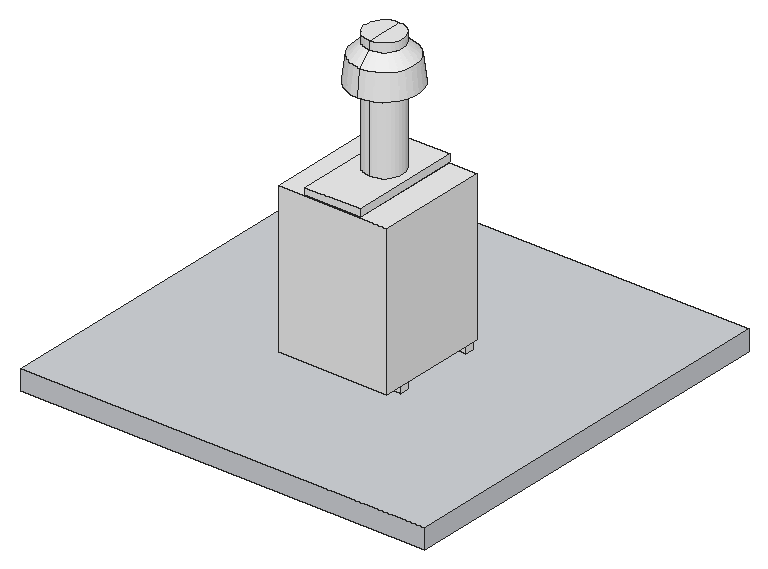
Revit family "DC_Rheem_PLM_Raypak_B0350ID", category Mechanical Equipment, host Face, Revit 2017
Family settings
  Host = Face
  Round Connector Dimension = Use Radius
  Part Type = Normal
  Cut with Voids When Loaded = No
  Shared = No
  Room Calculation Point = No
Parameters
  Width_ANZRS = 655 mm
  URL = "http://www.rheem.com.au/downloads/PDF/Raypak_Mechanical_Heating_Brochure_July_09.pdf"
  Type Comments = "Recovery 1238L/h @ 50oC rise"
  TopDiameter_ANZRS = 225 mm
  Stainless Steel = Raypak - Grey Powder Coated Steel
  PRVDistance_ANZRS = 210 mm
  PRVRadius_ANZRS = 15 mm
  PRVDiameter_ANZRS = PRVRadius_ANZRS * 2  # 30 mm
  Model = "B0350PCM/ID"
  Manufacturer = "Raypak"
  Length_ANZRS = 675 mm
  HotWaterOutletRadius_ANZRS = 20 mm
  HotWaterOutletDiameter_ANZRS = HotWaterOutletRadius_ANZRS * 2  # 40 mm
  HotWaterConnectionDistance_ANZRS = 170 mm
  Height_ANZRS = 1715 mm
  LipHeight_ANZRS = 935 mm
  GasInletRadius_ANZRS = 10 mm
  GasInletHeight_ANZRS = 370 mm
  GasInletDiameter_ANZRS = GasInletRadius_ANZRS * 2  # 20 mm
  GasConnectionDistance_ANZRS = 105 mm
  DesignBy_ANZRS = "Design Content  ©"
  Description = "Raypak - Gas Water Heater- Indoor - 323 MJ/h  Propane gas, modulating gas control"
  Default Elevation = 0 mm
  ConnectionHeight_ANZRS = 700 mm
  ColdWaterInletRadius_ANZRS = 20 mm
  ColdWaterInletDiameter_ANZRS = ColdWaterInletRadius_ANZRS * 2  # 40 mm
  ColdWaterConnectionDistance_ANZRS = 215 mm
  BoxHeight_ANZRS = 985 mm
  FootingOffsetDistance_ANZRS = 30 mm
  FootingWidth_ANZRS = 50 mm
  FootingOffsetDistanceRight_ANZRS = 105 mm
  Author_ANZRS = "DM"
  Assembly Code = ""
Types (5, lengths in mm): name | URL | Type Comments | Model | GasInletRadius_ANZRS | GasInletDiameter_ANZRS | Description
  (no name) | "http://www.rheem.com.au/downloads/PDF/Raypak_Mechanical_Heating_Brochure_July_09.pdf" | "Recovery 1238L/h @ 50oC rise" | "B0350PCM/ID" | 10 | 20 | "Raypak - Gas Water Heater- Indoor - 323 MJ/h  Propane gas, modulating gas control"
  Raypak - Gas Water Heater- Indoor - 343 MJ/h  Natural gas, modulating gas control | "http://www.rheem.com.au/CommercialProducts" | "Recovery 1312L/h @ 50oC rise" | "B0350NCM/ID" | 12.5 | 25 | "Raypak - Gas Water Heater- Indoor - 343 MJ/h  Natural gas, modulating gas control"
  Raypak - Gas Water Heater- Indoor - 343 MJ/h  Natural gas, On/Off gas control | "http://www.rheem.com.au/CommercialProducts" | "Recovery 1312L/h @ 50oC rise" | "B0350NCO/ID" | 10 | 20 | "Raypak - Gas Water Heater- Indoor - 343 MJ/h  Natural gas, On/Off gas control"
  Raypak - Gas Water Heater- Indoor - 323 MJ/h  Propane gas, modulating gas control | "http://www.rheem.com.au/CommercialProducts" | "Recovery 1238L/h @ 50oC rise" | "B0350PCM/ID" | 10 | 20 | "Raypak - Gas Water Heater- Indoor - 323 MJ/h  Propane gas, modulating gas control"
  Raypak - Gas Water Heater- Indoor - 323 MJ/h  Propane gas, On/Off gas control | "http://www.rheem.com.au/CommercialProducts" | "Recovery 1238L/h @ 50oC rise" | "B0350PCO/ID" | 10 | 20 | "Raypak - Gas Water Heater- Indoor - 323 MJ/h  Propane gas, On/Off gas control"
Reference planes
  plane 1 "Center (Front/Back)": y = 0
  plane 2: z = 0
  plane 3 "Center (Left/Right)": x = 0
  plane 4 "Height": z = 1715
  plane 5 "Box H": z = 985
  plane 6 "Conn H": z = 700
  plane 7 "Gas C": z = 370
  plane 8 "L1": y = 288
  plane 9 "L2": y = -387
  plane 10 "PVR": y = 78
  plane 11 "Hot Water": y = 118
  plane 12 "Cold Water": y = -97
  plane 13 "Gas C1": y = -282
  plane 14 "D1": y = 112.5
  plane 15 "D2": y = -112.5
  plane 16 "W1": x = -327.5
  plane 17 "W2": x = 327.5
  plane 18 "base": z = 40
  plane 19 "H4": z = 1445
  plane 20 "H3": z = 1595
  plane 21 "H2": z = 1665
  plane 22: z = 600
  plane 23: z = 565
  plane 24: y = -327
  plane 25: x = -322.5
  plane 26 "BASE11": y = 258
  plane 27 "BASE12": y = 208
  plane 28 "BASE21": y = -232
  plane 29 "BASE22": y = -282
  plane 30 "H1": z = 935
  plane 31 "HH": z = 945
  plane 32: x = 167.5
  plane 33: x = -167.5
  plane 34: x = 157.5
  plane 35: x = -157.5
  plane 36 "LL2": y = -377
  plane 37 "LL1": y = 278
  plane 38: y = -182.5
  plane 39: y = -200.918
  plane 40: y = 182.5
  plane 41: y = 200.918
  plane 42: x = -112.5
  plane 43: x = 112.5
  plane 44: x = 182.5
  plane 45: x = 200.918
  plane 46: x = -182.5
  plane 47: x = -200.918
Forms (mm)
  Extrusion 1, solid
    sketch origin (0, 0, 0) x (1, 0, 0) y (0, 1, 0)
      loop
        line (-1219.2, 1219.2) -> (-1219.2, -1219.2) -> (1219.2, -1219.2) -> (1219.2, 1219.2) -> (-1219.2, 1219.2)
    from 0 to -120
  Extrusion 2, solid, material "Raypak - Grey Powder Coated Steel" <- "Stainless Steel"
    sketch origin (0, 0, 0) x (1, 0, 0) y (0, 1, 0)
      loop
        line (-327.5, 288) -> (-327.5, -387) -> (327.5, -387) -> (327.5, 288) -> (-327.5, 288)
    from 40 to 935
  Revolve 3, solid, material "Raypak - Grey Powder Coated Steel" <- "Stainless Steel"
    sketch origin (0, 0, 105) x (0, 1, 0) y (0, 0, 1)
      loop
        line (0, 1610) -> (-112.5, 1610) -> (-112.5, 1560) -> (-182.5, 1490) -> (-200.918, 1340) -> (-112.5, 1340) -> (-112.5, 880) -> (0, 880) -> (0, 1610)
      axis (0, 1610) -> (0, 880)
    angle from 0 to 360
  Extrusion 4, void
    sketch origin (0, 0, 0) x (0, 1, 0) y (0, 0, 1)
      loop
        circle (78, 700) r 15
      loop
        circle (118, 700) r 20
      loop
        circle (-97, 700) r 20
    from -327.5 to -322.5
  Extrusion 5, void
    sketch origin (0, 0, 0) x (0, 1, 0) y (0, 0, 1)
      loop
        circle (-327, 600) r 5
      loop
        circle (-327, 565) r 5
      loop
        circle (-282, 370) r 10
    from -327.5 to -322.5
  Extrusion 6, solid, material "Raypak - Grey Powder Coated Steel" <- "Stainless Steel"
    sketch origin (0, 0, 0) x (0, 1, 0) y (0, 0, 1)
      loop
        line (258, 40) -> (208, 40) -> (208, 0) -> (258, 0) -> (258, 40)
      loop
        line (-232, 40) -> (-282, 40) -> (-282, 0) -> (-232, 0) -> (-232, 40)
    from -327.5 to 327.5
  Extrusion 7, solid, material "Raypak - Grey Powder Coated Steel" <- "Stainless Steel"
    sketch origin (0, 0, 0) x (1, 0, 0) y (0, 0, 1)
      loop
        line (167.5, 985) -> (-167.5, 985) -> (-167.5, 945) -> (167.5, 945) -> (167.5, 985)
    from -288 to 387
  Extrusion 8, solid, material "Raypak - Grey Powder Coated Steel" <- "Stainless Steel"
    sketch origin (0, 0, 0) x (1, 0, 0) y (0, 0, 1)
      loop
        line (157.5, 945) -> (-157.5, 945) -> (-157.5, 935) -> (157.5, 935) -> (157.5, 945)
    from -278 to 377
Cuts and joins
  Extrusion 4, Extrusion 5 cuts Extrusion 2
Lines and regions (mm)
  Masking region 1
    outline origin (0, 0, 0) x (1, 0, 0) y (0, 1, 0)
      loop
        line (-327.5, 288) -> (-327.5, -387) -> (327.5, -387) -> (327.5, 288) -> (-327.5, 288)
  Masking region 2
    outline origin (0, 0, 0) x (1, 0, 0) y (0, 0, 1)
      loop
        line (-112.5, 1715) -> (-112.5, 1665) -> (-182.5, 1595) -> (-200.918, 1445) -> (-112.5, 1445) -> (-112.5, 985) -> (-167.5, 985) -> (-167.5, 945) -> (-157.5, 945) -> (-157.5, 935) -> (-327.5, 935) -> (-327.5, 0) -> (327.5, 0) -> (327.5, 935) -> (157.5, 935) -> (157.5, 945) -> (167.5, 945) -> (167.5, 985) -> (112.5, 985) -> (112.5, 1445) -> (200.918, 1445) -> (182.5, 1595) -> (112.5, 1665) -> (112.5, 1715) -> (0, 1715) -> (-112.5, 1715)
  Masking region 3
    outline origin (0, 0, 0) x (0, 1, 0) y (0, 0, 1)
      loop
        line (-112.5, 1715) -> (-112.5, 1665) -> (-182.5, 1595) -> (-200.918, 1445) -> (-112.5, 1445) -> (-112.5, 985) -> (-387, 985) -> (-387, 945) -> (-377, 945) -> (-377, 935) -> (-387, 935) -> (-387, 40) -> (-282, 40) -> (-282, 0) -> (-232, 0) -> (-232, 40) -> (208, 40) -> (208, 0) -> (258, 0) -> (258, 40) -> (288, 40) -> (288, 935) -> (278, 935) -> (278, 945) -> (288, 945) -> (288, 985) -> (112.5, 985) -> (112.5, 1445) -> (200.918, 1445) -> (182.5, 1595) -> (112.5, 1665) -> (112.5, 1715) -> (-112.5, 1715)
  symbolic lines, style "Emergency", detail levels fine
    curve 1: arc (0, 200.918, 0) -> (-200.918, 0, 0) -> (0, -200.918, 0) r 200.918
    curve 2: arc (0, -200.918, 0) -> (200.918, 0, 0) -> (0, 200.918, 0) r 200.918
    curve 3: arc (0, 182.5, 0) -> (182.5, 0, 0) -> (0, -182.5, 0) r 182.5
    curve 4: arc (0, -182.5, 0) -> (-182.5, 0, 0) -> (0, 182.5, 0) r 182.5
    curve 5: arc (0, -112.5, 0) -> (-112.5, 0, 0) -> (0, 112.5, 0) r 112.5
    curve 6: arc (0, 112.5, 0) -> (112.5, 0, 0) -> (0, -112.5, 0) r 112.5
    curve 7: line (327.5, -387, 0) -> (327.5, 288, 0)
    curve 8: line (327.5, 288, 0) -> (-327.5, 288, 0)
    curve 9: line (-327.5, 288, 0) -> (-327.5, -387, 0)
    curve 10: line (-327.5, -387, 0) -> (327.5, -387, 0)
    curve 11: line (112.5, 0, 1665) -> (182.5, 0, 1595)
    curve 12: line (200.918, 0, 1445) -> (182.5, 0, 1595)
    curve 13: line (-182.5, 0, 1595) -> (-200.918, 0, 1445)
    curve 14: line (-182.5, 0, 1595) -> (-112.5, 0, 1665)
    curve 15: line (-112.5, 0, 1715) -> (112.5, 0, 1715)
    curve 16: line (0, 0, 1715) -> (112.5, 0, 1715)
    curve 17: line (182.5, 0, 1595) -> (-182.5, 0, 1595)
    curve 18: line (112.5, 0, 1665) -> (-112.5, 0, 1665)
    curve 19: line (-200.918, 0, 1445) -> (0, 0, 1445)
    curve 20: line (0, 0, 1445) -> (175.918, 0, 1445)
    curve 21: line (112.5, 0, 1715) -> (112.5, 0, 1665)
    curve 22: line (-112.5, 0, 1715) -> (-112.5, 0, 1665)
    curve 23: line (327.5, 0, 935) -> (-327.5, 0, 935)
    curve 24: line (327.5, 0, 40) -> (327.5, 0, 935)
    curve 25: line (-327.5, 0, 935) -> (-327.5, 0, 40)
    curve 26: line (-327.5, 0, 40) -> (327.5, 0, 40)
    curve 27: line (327.5, 0, 0) -> (327.5, 0, 40)
    curve 28: line (-327.5, 0, 40) -> (-327.5, 0, 0)
    curve 29: line (-327.5, 0, 0) -> (327.5, 0, 0)
    curve 30: line (-112.5, 0, 1445) -> (-112.5, 0, 985)
    curve 31: line (112.5, 0, 1445) -> (112.5, 0, 985)
    curve 32: arc (0, 63, 700) -> (0, 78, 685) -> (0, 93, 700) r 15
    curve 33: arc (0, 93, 700) -> (0, 78, 715) -> (0, 63, 700) r 15
    curve 34: arc (0, 138, 700) -> (0, 118, 720) -> (0, 98, 700) r 20
    curve 35: arc (0, 98, 700) -> (0, 118, 680) -> (0, 138, 700) r 20
    curve 36: arc (0, -117, 700) -> (0, -97, 680) -> (0, -77, 700) r 20
    curve 37: arc (0, -77, 700) -> (0, -97, 720) -> (0, -117, 700) r 20
    curve 38: arc (0, -272, 370) -> (0, -282, 380) -> (0, -292, 370) r 10
    curve 39: arc (0, -292, 370) -> (0, -282, 360) -> (0, -272, 370) r 10
    curve 40: arc (0, -332, 565) -> (0, -327, 560) -> (0, -322, 565) r 5
    curve 41: arc (0, -322, 565) -> (0, -327, 570) -> (0, -332, 565) r 5
    curve 42: arc (0, -332, 600) -> (0, -327, 595) -> (0, -322, 600) r 5
    curve 43: arc (0, -322, 600) -> (0, -327, 605) -> (0, -332, 600) r 5
    curve 44: line (0, -112.5, 1715) -> (0, -112.5, 1665)
    curve 45: line (0, 112.5, 1715) -> (0, 112.5, 1665)
    curve 46: line (0, 200.918, 1445) -> (0, -200.918, 1445)
    curve 47: line (0, 182.5, 1595) -> (0, -182.5, 1595)
    curve 48: line (0, 112.5, 1665) -> (0, -112.5, 1665)
    curve 49: line (0, 112.5, 1665) -> (0, 182.5, 1595)
    curve 50: line (0, -200.918, 1445) -> (0, -182.5, 1595)
    curve 51: line (0, -112.5, 1665) -> (0, -182.5, 1595)
    curve 52: line (0, 200.918, 1445) -> (0, 182.5, 1595)
    curve 53: line (0, -112.5, 1715) -> (0, 112.5, 1715)
    curve 54: line (0, 112.5, 1445) -> (0, 112.5, 985)
    curve 55: line (0, -112.5, 1445) -> (0, -112.5, 985)
    curve 56: line (0, 288, 985) -> (0, -387, 985)
    curve 57: line (0, -387, 985) -> (0, -387, 945)
    curve 58: line (0, 288, 40) -> (0, 288, 935)
    curve 59: line (0, -387, 40) -> (0, 288, 40)
    curve 60: line (0, 208, 40) -> (0, 208, 0)
    curve 61: line (0, 258, 0) -> (0, 258, 40)
    curve 62: line (0, 208, 0) -> (0, 258, 0)
    curve 63: line (0, -232, 0) -> (0, -232, 40)
    curve 64: line (0, -282, 40) -> (0, -282, 0)
    curve 65: line (0, -282, 0) -> (0, -232, 0)
    curve 66: line (-167.5, 288, 0) -> (-167.5, 110.958, 0)
    curve 67: line (167.5, -387, 0) -> (167.5, -110.958, 0)
    curve 68: line (167.5, 0, 945) -> (167.5, 0, 985)
    curve 69: line (-167.5, 0, 945) -> (167.5, 0, 945)
    curve 70: line (157.5, 0, 935) -> (157.5, 0, 945)
    curve 71: line (-167.5, 0, 985) -> (-167.5, 0, 945)
    curve 72: line (-157.5, 0, 945) -> (-157.5, 0, 935)
    curve 73: line (167.5, 0, 985) -> (-167.5, 0, 985)
    curve 74: line (0, -387, 945) -> (0, 288, 945)
    curve 75: line (0, 288, 935) -> (0, -387, 935)
    curve 76: line (0, 278, 935) -> (0, 278, 945)
    curve 77: line (0, -377, 945) -> (0, -377, 935)
    curve 78: line (0, -387, 935) -> (0, -387, 40)
    curve 79: line (0, 288, 945) -> (0, 288, 985)
    curve 80: line (-167.5, -110.958, 0) -> (-167.5, -387, 0)
    curve 81: line (167.5, 110.958, 0) -> (167.5, 288, 0)
Dimensions and locks
  "Height_ANZRS": plane 4 "Height" to level
  "BoxHeight_ANZRS": plane 5 "Box H" to level
  "ConnectionHeight_ANZRS": plane 6 "Conn H" to Extrusion 1
  "GasInletHeight_ANZRS": plane 7 "Gas C" to level
  "Length_ANZRS": plane 8 "L1" to plane 9 "L2"
  "PRVDistance_ANZRS": plane 8 "L1" to plane 10 "PVR"
  "HotWaterConnectionDistance_ANZRS": plane 8 "L1" to plane 11 "Hot Water"
  "ColdWaterConnectionDistance_ANZRS": plane 11 "Hot Water" to plane 12 "Cold Water"
  "GasConnectionDistance_ANZRS": plane 13 "Gas C1" to plane 9 "L2"
  plane 1 "Center (Front/Back)" to plane 9 "L2" = 387 mm
  plane 18 "base" to level = 40 mm
  plane 4 "Height" to plane 21 "H2" to plane 20 "H3" to plane 19 "H4" = 50 mm locked, 70 mm locked, 150 mm locked
  equal spacing: plane 17 "W2", plane 3 "Center (Left/Right)", plane 16 "W1"
  "Width_ANZRS": plane 17 "W2" to plane 16 "W1"
  equal spacing: plane 14 "D1", plane 1 "Center (Front/Back)", plane 15 "D2"
  "TopDiameter_ANZRS": plane 14 "D1" to plane 15 "D2"
  plane 22 to Extrusion 1 = 600 mm
  plane 23 to Extrusion 1 = 565 mm
  plane 18 "base" to Extrusion 1 = 40 mm
  plane 24 to plane 9 "L2" = 60 mm
  plane 16 "W1" to plane 25 = 5 mm
  "FootingOffsetDistance_ANZRS": plane 8 "L1" to plane 26 "BASE11"
  "FootingWidth_ANZRS": plane 26 "BASE11" to plane 27 "BASE12"
  "FootingWidth_ANZRS": plane 28 "BASE21" to plane 29 "BASE22"
  "FootingOffsetDistanceRight_ANZRS": plane 29 "BASE22" to plane 9 "L2"
  "LipHeight_ANZRS": plane 30 "H1" to Extrusion 1
  locked: plane 30 "H1" to plane 31 "HH" at 10
  plane 33 to plane 3 "Center (Left/Right)" to plane 32 = 167.5 mm, 167.5 mm
  plane 33 to plane 32 = 335 mm
  locked: plane 34 to plane 32 at 10
  locked: plane 35 to plane 33 at 10
  locked: plane 36 "LL2" to plane 9 "L2" at 10
  plane 37 "LL1" to plane 8 "L1" = 10 mm
  plane 15 "D2" to plane 38 to plane 39 = 70 mm locked, 18.418 mm locked
  locked: plane 40 to plane 41 at 18.418
  locked: plane 40 to plane 14 "D1" at 70
  equal spacing: plane 42, plane 3 "Center (Left/Right)", plane 43
  "TopDiameter_ANZRS": plane 42 to plane 43
  plane 42 to plane 46 to plane 47 = 70 mm locked, 18.418 mm locked
  plane 45 to plane 44 to plane 43 = 18.418 mm locked, 70 mm locked
  "HotWaterOutletRadius_ANZRS": radius of Extrusion 4 sketch curve
  "ColdWaterInletRadius_ANZRS": radius of Extrusion 4 sketch curve
  "PRVRadius_ANZRS": radius of Extrusion 4 sketch curve
  "GasInletRadius_ANZRS": radius of Extrusion 5 sketch curve
  aligned and locked: plane 2 to Extrusion 1
  aligned and locked: level to Extrusion 1
  aligned and locked: plane 8 "L1" to Extrusion 2 sketch curve
  aligned and locked: plane 16 "W1" to Extrusion 2 sketch curve
  aligned and locked: plane 9 "L2" to Extrusion 2 sketch curve
  aligned and locked: plane 17 "W2" to Extrusion 2 sketch curve
  aligned: plane 5 "Box H" to Extrusion 2
  aligned and locked: Revolve 3 sketch curve to plane 1 "Center (Front/Back)"
  aligned and locked: plane 11 "Hot Water" to Extrusion 4 sketch curve
  aligned and locked: plane 10 "PVR" to Extrusion 4 sketch curve
  aligned and locked: plane 6 "Conn H" to Extrusion 4 sketch curve  (x3)
  aligned and locked: Extrusion 4 to plane 16 "W1"
  aligned and locked: Extrusion 2 to plane 18 "base"
  aligned and locked: plane 12 "Cold Water" to Extrusion 4 sketch curve
  aligned and locked: Revolve 3 sketch curve to plane 4 "Height"
  aligned and locked: plane 5 "Box H" to Revolve 3 sketch curve
  aligned and locked: plane 19 "H4" to Revolve 3 sketch curve
  aligned and locked: plane 21 "H2" to Revolve 3 sketch curve
  aligned: plane 15 "D2" to Revolve 3 sketch curve
  aligned and locked: plane 15 "D2" to Revolve 3 sketch curve
  aligned and locked: plane 22 to Extrusion 5 sketch curve
  aligned and locked: plane 24 to Extrusion 5 sketch curve  (x2)
  aligned and locked: plane 23 to Extrusion 5 sketch curve
  aligned and locked: Extrusion 5 to plane 16 "W1"
  aligned and locked: plane 25 to Extrusion 5
  aligned and locked: plane 13 "Gas C1" to Extrusion 5 sketch curve
  aligned and locked: plane 7 "Gas C" to Extrusion 5 sketch curve
  aligned and locked: Extrusion 5 to Extrusion 4
  aligned and locked: plane 18 "base" to Extrusion 6 sketch curve  (x2)
  aligned and locked: Extrusion 6 sketch curve to plane 26 "BASE11"
  aligned and locked: Extrusion 6 sketch curve to level  (x2)
  aligned and locked: plane 27 "BASE12" to Extrusion 6 sketch curve
  aligned and locked: Extrusion 6 sketch curve to plane 28 "BASE21"
  aligned and locked: plane 29 "BASE22" to Extrusion 6 sketch curve
  aligned and locked: Extrusion 6 to plane 16 "W1"
  aligned and locked: Extrusion 6 to plane 17 "W2"
  aligned and locked: Masking region 1 sketch curve to cut or joined group of Extrusion 2, Extrusion 4, Extrusion 5  (x4)
  aligned and locked: Revolve 3 to Masking region 2 sketch curve  (x3)
  aligned and locked: Masking region 2 sketch curve to Revolve 3
  aligned and locked: plane 5 "Box H" to Masking region 2 sketch curve
  aligned and locked: plane 16 "W1" to Masking region 2 sketch curve
  aligned and locked: Masking region 2 sketch curve to plane 17 "W2"
  aligned and locked: Extrusion 1 to Masking region 2 sketch curve
  aligned and locked: Masking region 3 sketch curve to Revolve 3  (x2)
  aligned and locked: Masking region 3 sketch curve to plane 15 "D2"  (x2)
  aligned and locked: plane 5 "Box H" to Masking region 3 sketch curve
  aligned and locked: Masking region 3 sketch curve to plane 9 "L2"
  aligned and locked: plane 18 "base" to Masking region 3 sketch curve
  aligned and locked: Masking region 3 sketch curve to Extrusion 6  (x4)
  aligned and locked: plane 27 "BASE12" to Masking region 3 sketch curve
  aligned and locked: plane 26 "BASE11" to Masking region 3 sketch curve
  aligned and locked: plane 8 "L1" to Masking region 3 sketch curve
  aligned and locked: plane 14 "D1" to Masking region 3 sketch curve
  aligned and locked: curve 1 to Revolve 3
  aligned and locked: curve 2 to Revolve 3
  aligned and locked: curve 3 to Revolve 3
  aligned and locked: curve 4 to Revolve 3
  aligned and locked: curve 5 to Revolve 3
  aligned and locked: curve 6 to Revolve 3
  aligned and locked: curve 7 to cut or joined group of Extrusion 2, Extrusion 4, Extrusion 5
  aligned and locked: curve 8 to cut or joined group of Extrusion 2, Extrusion 4, Extrusion 5
  aligned and locked: curve 9 to cut or joined group of Extrusion 2, Extrusion 4, Extrusion 5
  aligned and locked: curve 10 to cut or joined group of Extrusion 2, Extrusion 4, Extrusion 5
  aligned and locked: curve 32 to cut or joined group of Extrusion 2, Extrusion 4, Extrusion 5
  aligned and locked: curve 33 to cut or joined group of Extrusion 2, Extrusion 4, Extrusion 5
  aligned and locked: curve 34 to cut or joined group of Extrusion 2, Extrusion 4, Extrusion 5
  aligned and locked: curve 35 to cut or joined group of Extrusion 2, Extrusion 4, Extrusion 5
  aligned and locked: curve 36 to cut or joined group of Extrusion 2, Extrusion 4, Extrusion 5
  aligned and locked: curve 37 to cut or joined group of Extrusion 2, Extrusion 4, Extrusion 5
  aligned and locked: curve 38 to cut or joined group of Extrusion 2, Extrusion 4, Extrusion 5
  aligned and locked: curve 39 to cut or joined group of Extrusion 2, Extrusion 4, Extrusion 5
  aligned and locked: curve 40 to cut or joined group of Extrusion 2, Extrusion 4, Extrusion 5
  aligned and locked: curve 41 to cut or joined group of Extrusion 2, Extrusion 4, Extrusion 5
  aligned and locked: curve 42 to cut or joined group of Extrusion 2, Extrusion 4, Extrusion 5
  aligned and locked: curve 43 to cut or joined group of Extrusion 2, Extrusion 4, Extrusion 5
  aligned and locked: curve 44 to plane 15 "D2"
  aligned and locked: plane 14 "D1" to curve 45
  aligned and locked: plane 21 "H2" to curve 48
  aligned and locked: curve 53 to Revolve 3
  aligned and locked: Extrusion 2 to plane 30 "H1"
  aligned and locked: curve 23 to cut or joined group of Extrusion 2, Extrusion 4, Extrusion 5
  aligned and locked: plane 5 "Box H" to Extrusion 7 sketch curve
  aligned and locked: Extrusion 7 sketch curve to plane 32
  aligned and locked: Extrusion 7 sketch curve to plane 31 "HH"
  aligned and locked: Extrusion 7 sketch curve to plane 33
  aligned and locked: plane 31 "HH" to Extrusion 8 sketch curve
  aligned and locked: Extrusion 8 sketch curve to plane 34
  aligned and locked: Extrusion 8 sketch curve to plane 30 "H1"
  aligned and locked: Extrusion 8 sketch curve to plane 35
  aligned and locked: Extrusion 7 to plane 8 "L1"
  aligned and locked: Extrusion 7 to plane 9 "L2"
  aligned and locked: Extrusion 8 to plane 36 "LL2"
  aligned and locked: plane 37 "LL1" to Extrusion 8
  aligned and locked: curve 66 to Extrusion 7
  aligned and locked: curve 67 to Extrusion 7
  aligned and locked: curve 68 to Extrusion 7
  aligned and locked: curve 69 to Extrusion 7
  aligned and locked: curve 70 to Extrusion 8
  aligned and locked: curve 71 to Extrusion 7
  aligned and locked: curve 72 to Extrusion 8
  aligned and locked: curve 73 to Extrusion 7
  aligned and locked: Masking region 2 sketch curve to Extrusion 7  (x3)
  aligned and locked: Extrusion 7 to Masking region 2 sketch curve
  aligned and locked: Masking region 2 sketch curve to Extrusion 8  (x2)
  aligned and locked: Masking region 2 sketch curve to cut or joined group of Extrusion 2, Extrusion 4, Extrusion 5
  aligned and locked: curve 74 to Extrusion 7
  aligned and locked: curve 75 to cut or joined group of Extrusion 2, Extrusion 4, Extrusion 5
  aligned and locked: curve 76 to Extrusion 8
  aligned and locked: curve 77 to Extrusion 8
  aligned and locked: Masking region 3 sketch curve to Extrusion 7
  aligned and locked: Masking region 3 sketch curve to cut or joined group of Extrusion 2, Extrusion 4, Extrusion 5
  aligned and locked: Masking region 3 sketch curve to Extrusion 8  (x2)
  aligned and locked: plane 38 to Revolve 3 sketch curve
  aligned and locked: plane 39 to Revolve 3 sketch curve
  aligned and locked: plane 20 "H3" to Revolve 3 sketch curve
  aligned and locked: plane 39 to curve 50
  aligned and locked: plane 38 to curve 51
  aligned and locked: plane 20 "H3" to curve 51
  aligned and locked: plane 19 "H4" to curve 50
  aligned and locked: plane 19 "H4" to curve 52
  aligned and locked: plane 20 "H3" to curve 49
  aligned and locked: plane 40 to curve 52
  aligned and locked: plane 41 to curve 46
  aligned and locked: plane 42 to curve 22
  aligned and locked: curve 21 to plane 43
  aligned and locked: plane 43 to Masking region 2  (x2)
  aligned and locked: plane 42 to Masking region 2  (x2)
  aligned and locked: plane 42 to curve 30
  aligned and locked: curve 31 to plane 43
  aligned and locked: plane 44 to curve 17
  aligned and locked: plane 46 to curve 17
  aligned and locked: curve 13 to plane 47
  aligned and locked: plane 19 "H4" to curve 19
  aligned and locked: plane 19 "H4" to curve 20
  aligned and locked: plane 20 "H3" to curve 17
  aligned and locked: plane 45 to curve 12
  aligned and locked: plane 19 "H4" to curve 12
  aligned and locked: Masking region 2 sketch curve to curve 14
  aligned and locked: Masking region 2 sketch curve to curve 13
  aligned and locked: Masking region 2 sketch curve to curve 12
  aligned and locked: Masking region 2 sketch curve to curve 11
  aligned and locked: cut or joined group of Extrusion 2, Extrusion 4, Extrusion 5 to Masking region 2 sketch curve
Automatic sketch dimensions
  Extrusion 1 sketch curve to Extrusion 1 sketch curve = 2438.4 mm  (x2)
  curve 57 to plane 5 "Box H" = 0 mm
  curve 57 to plane 9 "L2" = 0 mm
  curve 78 to plane 9 "L2" = 0 mm
  curve 77 to plane 36 "LL2" = 0 mm
  curve 64 to level = 0 mm
  curve 64 to plane 13 "Gas C1" = 0 mm
  curve 65 to plane 28 "BASE21" = 0 mm
  curve 55 to plane 15 "D2" = 0 mm
  curve 54 to plane 14 "D1" = 0 mm
  curve 62 to level = 0 mm
  curve 62 to plane 27 "BASE12" = 0 mm
  curve 61 to plane 18 "base" = 0 mm
  curve 61 to plane 26 "BASE11" = 0 mm
  curve 76 to plane 31 "HH" = 0 mm
  curve 76 to plane 37 "LL1" = 0 mm
  curve 74 to plane 8 "L1" = 0 mm
  curve 59 to plane 8 "L1" = 0 mm
  curve 59 to plane 18 "base" = 0 mm
  curve 63 to plane 18 "base" = 0 mm
  curve 64 to plane 18 "base" = 0 mm
  curve 60 to plane 18 "base" = 0 mm
  curve 53 to plane 4 "Height" = 0 mm
  Revolve 3 sketch curve to plane 15 "D2" = 0 mm
  Revolve 3 sketch curve to plane 1 "Center (Front/Back)" = 0 mm
  Revolve 3 sketch curve to Revolve 3 sketch curve = 675 mm
  Revolve 3 sketch curve to Revolve 3 sketch curve = 130 mm
  Masking region 2 sketch curve to plane 3 "Center (Left/Right)" = 0 mm
  Masking region 2 sketch curve to plane 5 "Box H" = 0 mm
  Masking region 2 sketch curve to plane 21 "H2" = 0 mm  (x2)
  Masking region 3 sketch curve to plane 9 "L2" = 0 mm
  Masking region 3 sketch curve to plane 39 = 0 mm
  Masking region 3 sketch curve to plane 20 "H3" = 0 mm  (x2)
  Masking region 3 sketch curve to plane 38 = 0 mm
  Masking region 3 sketch curve to plane 14 "D1" = 0 mm
  Masking region 3 sketch curve to plane 40 = 0 mm
  Masking region 3 sketch curve to plane 19 "H4" = 0 mm
  Masking region 3 sketch curve to plane 41 = 0 mm
  Masking region 3 sketch curve to plane 8 "L1" = 0 mm
  Masking region 3 sketch curve to plane 18 "base" = 0 mm  (x2)
  Masking region 3 sketch curve to plane 30 "H1" = 0 mm
  Masking region 3 sketch curve to plane 31 "HH" = 0 mm
  Masking region 3 sketch curve to plane 5 "Box H" = 0 mm
  Masking region 3 sketch curve to plane 21 "H2" = 0 mm  (x2)
  plane 34 to Masking region 2 sketch curve = 45 mm
  plane 35 to Masking region 2 sketch curve = 45 mm
  curve 28 to level = 0 mm
  curve 28 to plane 16 "W1" = 0 mm
  curve 73 to plane 5 "Box H" = 0 mm
  curve 73 to plane 33 = 0 mm
  curve 72 to plane 35 = 0 mm
  curve 19 to plane 3 "Center (Left/Right)" = 0 mm
  curve 16 to plane 3 "Center (Left/Right)" = 0 mm
  curve 70 to plane 31 "HH" = 0 mm
  plane 34 to curve 70 = 0 mm
  plane 32 to curve 69 = 0 mm
  plane 17 "W2" to curve 26 = 0 mm
  curve 25 to plane 18 "base" = 0 mm
  curve 18 to plane 21 "H2" = 0 mm
  curve 16 to plane 4 "Height" = 0 mm
  plane 44 to curve 20 = 6.582 mm
  curve 9 to plane 9 "L2" = 0 mm
  curve 9 to plane 16 "W1" = 0 mm
  curve 66 to plane 33 = 0 mm
  curve 80 to plane 33 = 0 mm
  curve 81 to plane 32 = 0 mm
  curve 67 to plane 32 = 0 mm
  curve 7 to plane 17 "W2" = 0 mm
  plane 8 "L1" to curve 7 = 0 mm
  Extrusion 5 sketch curve to plane 13 "Gas C1" = 0 mm
  radius of Extrusion 5 sketch curve = 5 mm  (x2)
Connectors
  piping at (-327.5, 118, 700), diameter 40, driven by "HotWaterOutletRadius_ANZRS"
    settings: on cut or joined group of Extrusion 2, Extrusion 4, Extrusion 5, index 1, connector inside diameter 1.5748", connector length 0 mm, flow factor 0, pipe flow 0 GPM, pressure drop 0.00 psi, fitting loss kfactor 0, connector angle 0.00°, fixture units 0, engagement length 0 mm, angle of deflection 0.00°, flow configuration 0, flow direction 0, fitting loss method 0, system type 19, joint type 0, gender type 0, connector reference index -1, connector utility 0, adjustable connector no, is connector primary yes, connector description ""
  piping at (-327.5, 78, 700), diameter 30, driven by "PRVRadius_ANZRS"
    settings: on cut or joined group of Extrusion 2, Extrusion 4, Extrusion 5, index 2, connector inside diameter 1.1811", connector length 0 mm, flow factor 0, pipe flow 0 GPM, pressure drop 0.00 psi, fitting loss kfactor 0, connector angle 0.00°, fixture units 0, engagement length 0 mm, angle of deflection 0.00°, flow configuration 0, flow direction 0, fitting loss method 0, system type 19, joint type 0, gender type 0, connector reference index -1, connector utility 0, adjustable connector no, is connector primary no, connector description ""
  piping at (-327.5, -97, 700), diameter 40, driven by "ColdWaterInletRadius_ANZRS"
    settings: on cut or joined group of Extrusion 2, Extrusion 4, Extrusion 5, index 3, connector inside diameter 1.5748", connector length 0 mm, flow factor 0, pipe flow 0 GPM, pressure drop 0.00 psi, fitting loss kfactor 0, connector angle 0.00°, fixture units 0, engagement length 0 mm, angle of deflection 0.00°, flow configuration 0, flow direction 0, fitting loss method 0, system type 20, joint type 0, gender type 0, connector reference index -1, connector utility 0, adjustable connector no, is connector primary no, connector description ""
  piping at (-327.5, -282, 370), diameter 20, driven by "GasInletRadius_ANZRS"
    settings: on cut or joined group of Extrusion 2, Extrusion 4, Extrusion 5, index 4, connector inside diameter 0.7874", connector length 0 mm, flow factor 0, pipe flow 0 GPM, pressure drop 0.00 psi, fitting loss kfactor 0, connector angle 0.00°, fixture units 0, engagement length 0 mm, angle of deflection 0.00°, flow configuration 0, flow direction 0, fitting loss method 0, system type 22, joint type 0, gender type 0, connector reference index -1, connector utility 0, adjustable connector no, is connector primary no, connector description ""
  electrical at (-327.5, -327, 600)
    settings: on cut or joined group of Extrusion 2, Extrusion 4, Extrusion 5, index 5, voltage 0 V, apparent load 0 VA, apparent load phase1 0 VA, apparent load phase2 0 VA, apparent load phase3 0 VA, power factor 1, load classification "Other", number of poles 1, system type 31, power factor state 1, is connector primary yes, connector utility no, sub classification motor no, connector description ""
  electrical at (-327.5, -327, 565)
    settings: on cut or joined group of Extrusion 2, Extrusion 4, Extrusion 5, index 6, voltage 0 V, apparent load 0 VA, apparent load phase1 0 VA, apparent load phase2 0 VA, apparent load phase3 0 VA, power factor 1, load classification "Other", number of poles 1, system type 31, power factor state 1, is connector primary no, connector utility no, sub classification motor no, connector description ""
